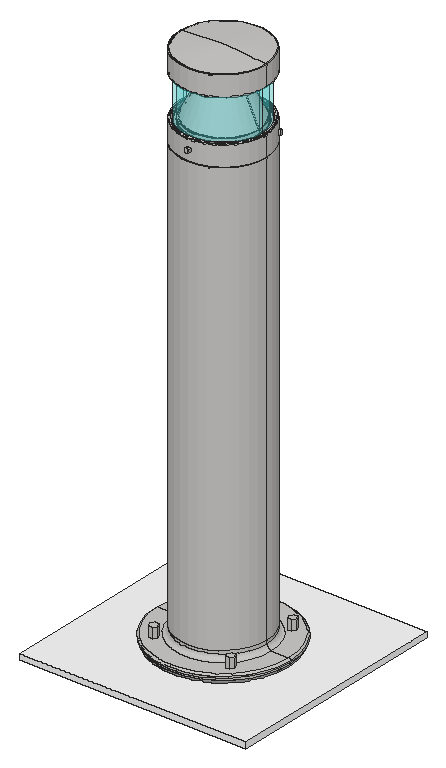
Revit family "BE_88060_de_DE", category Leuchten, Revit 2020
Family settings
  Basisbauteil = Fläche
  Bemaßung runder Anschluss = Durchmesser verwenden
  Teiletyp = Normal
  Beim Laden mit Abzugskörper schneiden = Ja
  Lichtquelle = Ja
  Gemeinsam genutzt = Nein
  Raumberechnungspunkt = Ja
Parameters (values of type "BEGA_88060_K3")
  built-in parameter 1150104 = 11.409 (stored number, unit not read)
  Windangriffsfläche = ""
  Werkzeuglos = ""
  Wattage = 11.4 W
  Default Elevation = 0 mm
  built-in parameter 1150113 = 1 (stored number, unit not read)
  built-in parameter 1114218 = 1 (stored number, unit not read)
  Umgebungstemperatur = "25 °C"
  URL = "https://www.bega.com/de/produkt/88060"
  Typenkommentare = "© 2022 BEGA. Wir behalten uns das Recht vor, technische Änderungen ohne vorherige Ankündigung vorzunehmen."  # constant formula
  Type Image = 88060.png
  built-in parameter 1150134 = (empty or 0)
  built-in parameter 1150109 = 1 (stored number, unit not read)
  Strom = ""
  built-in parameter 1150110 = 1 (stored number, unit not read)
  Spannung = 239.996 V
  Sonderanfertigung = no
  Seriennummer [instance] = "Hier können Sie die eindeutige Seriennummer für das Facility Management eintragen."
  Schutzklasse = "I"
  Schutzart = "IP 65"
  Scheinlast = 0 VA
  Produktdatenblatt = "https://cdn.bega.com/bega/products/88060K4/current/documents/data-sheets/de"
  Oberflächentemperatur = ""
  Neigungswinkel = 0.00°
  Modell = "88060K3"
  Material_17 = BEGA_Reflektor
  Material_15 = BEGA_Leuchtmedium_matt
  Material_11 = BEGA_Glas_opal
  Material_09 = BEGA_Glas_klar
  Material_06 = BEGA_Oberfläche_Edelstahl_gebürstet
  M_W = no
  M_G = no
  M_A = no
  Logo = 0
  built-in parameter 1114217 = 1 (stored number, unit not read)
  built-in parameter 1150139 = (empty or 0)
  built-in parameter 1150105 = 111.41 (stored number, unit not read)
  built-in parameter 1150114 = 1 (stored number, unit not read)
  Lumens = 1400.03 lm
  built-in parameter 1150115 = 1 (stored number, unit not read)
  Leuchtenlichtstrom = "766 lm"
  Leuchtenanzahl = ""
  Lebensdauerkriterien = "L70B50 @ 25 °C = 200000 h"
  Lastklassifizierung = Beleuchtung
  built-in parameter 1150112 = 1 (stored number, unit not read)
  Lampenlichtstrom = "1475 lm"
  Lampe = "LED 7.7 W"
  LED_Modulbezeichnung = "LED-0382/830"
  built-in parameter 1150142 = (empty or 0)
  Hersteller = "BEGA"  # constant formula
  Halbstreuwinkel = ""
  Gewicht = "12.0 kg"
  Gebrauchslageneinschränkung [instance] = ""
  Frequenz = "0/50-60 Hz"
  Farbwiedergabeindex = "CRI > 80"
  Farbtemperaturverschiebung bei Dämpfen der Lampe = <Keine Auswahl>
  Farbtemperatur = "3000 K"
  Color Filter = 16777215
  Erdstücklänge_E = ""
  Erdstück [instance] = no
  built-in parameter 1150133 = 10 (stored number, unit not read)
  Energieeffizienzklasse = "LED A++ - A"
  Einstecktiefe = ""
  built-in parameter 1150137 = (empty or 0)
  built-in parameter 1150132 = (empty or 0)
  Einbau_in_Wärmedämmung = ""
  ENEC = "ja"
  Datei für fotometrisches Netz = "BE_88060K3.IES"
  CE_Konformität = "ja"
  Bestellnummer_Erdstück [instance] = if(Erdstück, "70896", "---")  # "---"
  Bestellnummer = "88060K3"
  Beschreibung_Sonderanfertigung = "Hier können Sie Informationen zur Sonderanfertigung eintragen."
  Beschreibung = "Pollerleuchte"
  built-in parameter 1150106 = 1.1141 (stored number, unit not read)
  Belastbarkeit [instance] = ""
  Befestigungsbohrung = ""
  Befestigungsabstand = ""
  Ballwurfsicher = ""
  BEGA_Intern_aus = yes
  BEGA_Intern_an = yes
  BEGA_Intern_Konstruktion = yes
  BEGA_Intern = yes
  BEGA_IES3 = yes
  BEGA_IES2 = yes
  BEGA_IES1 = yes
  BEGA_IES = yes
  BEGA_Dummy = no
  Anschlussleitung = ""
  Anschlussleistung [instance] = "9 W"
  built-in parameter 1150107 = 3000 (stored number, unit not read)
  built-in parameter 1150102 = (empty or 0)
  built-in parameter 1150138 = (empty or 0)
  Aktualisierung = "2022-05-19T04:00:07"
  Abstand_zur_angestrahlten_Fläche [instance] = ""
  AC/DC = "AC/DC"
Types (2, lengths in mm): name | built-in parameter 1150104 | built-in parameter 1150134 | Modell | built-in parameter 1150105 | Lumens | Leuchtenlichtstrom | Lampenlichtstrom | LED_Modulbezeichnung | Farbtemperatur | Datei für fotometrisches Netz | Bestellnummer | built-in parameter 1150106 | built-in parameter 1150107
  BEGA_88060_K3 | 11.409 (stored number, unit not read) | (empty or 0) | "88060K3" | 111.41 (stored number, unit not read) | 1400.03 lm | "766 lm" | "1475 lm" | "LED-0382/830" | "3000 K" | "BE_88060K3.IES" | "88060K3" | 1.1141 (stored number, unit not read) | 3000 (stored number, unit not read)
  BEGA_88060_K4 | 12.102 (stored number, unit not read) | 12 | "88060K4" | 118.17 (stored number, unit not read) | 1484.96 lm | "776 lm" | "1495 lm" | "LED-0382/840" | "4000 K" | "BE_88060K4.IES" | "88060K4" | 1.1817 (stored number, unit not read) | 4000 (stored number, unit not read)
Reference planes
  plane 1 "Mitte (Vorne/Hinten)": y = 0
  plane 2: z = 0
  plane 3 "Mitte (Links/Rechts)": x = 0
  plane 4 "Links": x = -119.5
  plane 5 "Rechts": x = 119.5
  plane 6 "Unten": y = -119.5
  plane 7 "Oben": y = 119.5
  plane 8 "Vorne": z = 949.789
Forms (mm)
  Extrusion 1, solid, material "BEGA_Platte_Weiss"
    sketch origin (0, -1119.2, 0) x (1, 0, 0) y (0, 1, 0)
      loop
        line (-200, 1319.2) -> (-200, 919.2) -> (200, 919.2) -> (200, 1319.2) -> (-200, 1319.2)
    from 0 to -10
  Extrusion 2, solid, material "BEGA_Dummy_matt", visible <- "BEGA_Dummy"
    sketch origin (77.149, -76.023, 0) x (1, 0, 0) y (0, 1, 0)
      loop
        circle (-77.149, 76.023) r 119.5
    from 0 to 949.789
Dimensions and locks
  plane 1 "Mitte (Vorne/Hinten)" to Extrusion 1 = 200 mm
  aligned and locked: plane 2 to Extrusion 1
  aligned and locked: level to Extrusion 1
Nested families
  nested 1: "BE_88060" at (0, 0, 0), type "BE_88060"
Connectors
  electrical at (0, 0, 0), driven by "Lastklassifizierung", driven by "Spannung", driven by "Scheinlast"
    settings: index 1, voltage 239.996 V, apparent load 0 VA, apparent load phase1 0 VA, apparent load phase2 0 VA, apparent load phase3 0 VA, power factor 1, load classification "Beleuchtung", number of poles 1, system type 31, power factor state 1, is connector primary yes, connector utility no, sub classification motor no, connector description ""
Definition of nested family "BE_88060"
  Parameters (values of type "BE_88060")
    Default Elevation = 1 mm
    URL = "http://www.bega.de/de/produkt"
    Type Comments = "© 2015 BEGA. Wir behalten uns das Recht vor, technische Änderungen ohne vorherige Ankündigung vorzunehmen. "  # constant formula
    Type Image = (empty or 0)
    Material_17 = none
    Material_15 = none
    Material_11 = none
    Material_09 = none
    Material_06 = none
    Material_03 = none
    Material_02 = none
    Material_01 = none
    M_W = yes
    M_G = yes
    M_A = yes
    Länge_Platte = 200 mm  # constant formula
    Höhe_Platte = -10 mm  # constant formula
    Manufacturer = "BEGA"  # constant formula
    Breite_Platte = 200 mm  # constant formula
  Reference planes
    plane 1 "Mitte (Oben/Unten)": y = 0
    plane 2: z = 0
    plane 3 "Mitte (Links/Rechts)": x = 0
    plane 4 "Hinten": z = 949.789
    plane 5 "Links": x = -119.5
    plane 6: x = 119.5
    plane 7: y = 119.5
    plane 8: y = -119.5
  Forms (mm)
    Extrusion 1, solid, detail levels medium
      sketch origin (0, 0, 0) x (1, 0, 0) y (0, 1, 0)
        loop
          line (-100, 100) -> (-100, -100) -> (100, -100) -> (100, 100) -> (-100, 100)
      from 0 to -10 <- "Höhe_Platte"
    Revolve 2, solid, material <- "Material_06", detail levels medium+fine
      sketch origin (0, 0, 0) x (1, 0, 0) y (0, 0, 1)
        loop
          line (-117, 10.5) -> (-117, 5.498)
          arc (-117, 5.498) -> (-115.445, 1.666) -> (-111.661, 0) r 5.5
          line (-111.661, 0) -> (-37.36, 0)
          arc (-37.36, 0) -> (-35.637, 0.343) -> (-34.178, 1.318) r 4.5
          line (-34.178, 1.318) -> (-31.095, 4.405)
          arc (-31.095, 4.405) -> (-30.445, 4.844) -> (-29.676, 5) r 2
          line (-29.676, 5) -> (-20, 5) -> (-20, 7.5) -> (-29.681, 7.5)
          arc (-29.681, 7.5) -> (-31.387, 7.16) -> (-32.837, 6.198) r 4.5
          line (-32.837, 6.198) -> (-35.95, 3.086)
          arc (-35.95, 3.086) -> (-36.597, 2.653) -> (-37.36, 2.5) r 2
          line (-37.36, 2.5) -> (-111.385, 2.5)
          arc (-111.385, 2.5) -> (-113.58, 3.338) -> (-114.5, 5.5) r 3
          line (-114.5, 5.5) -> (-114.5, 10.5) -> (-117, 10.5)
        axis (0, 10.5) -> (0, 0)
      angle from 0 to 360
    Revolve 3, solid, material <- "Material_06", detail levels medium+fine
      sketch origin (0, 0, 0) x (1, 0, 0) y (0, 0, 1)
        loop
          line (-119.5, 10.5) -> (-84.995, 10.5)
          arc (-84.995, 10.5) -> (-75.223, 14.475) -> (-71, 24.142) r 14
          line (-71, 24.142) -> (-71, 60.5) -> (-74, 60.5) -> (-74, 30.5) -> (-76.504, 30.5) -> (-76.504, 24.5)
          arc (-76.504, 24.5) -> (-78.993, 18.49) -> (-85.004, 16) r 8.5
          line (-85.004, 16) -> (-116.5, 16) -> (-119.5, 13) -> (-119.5, 10.5)
        axis (0, 60.5) -> (0, 10.5)
      angle from 0 to 360
    Revolve 4, solid, material <- "Material_06", detail levels medium+fine
      sketch origin (0, 0, 0) x (1, 0, 0) y (0, 0, 1)
        loop
          line (-77, 795.5) -> (-77, 30.5) -> (-75, 30.5) -> (-75, 795.5) -> (-77, 795.5)
        axis (0, 30.5) -> (0, 795.5)
      angle from 0 to 360
    Revolve 5, solid, material <- "Material_06", detail levels medium+fine
      sketch origin (0, 0, 0) x (1, 0, 0) y (0, 0, 1)
        loop
          line (-75.75, 795.5) -> (-74.8, 795.5) -> (-74.8, 792.057) -> (-73.5, 792.057) -> (-73.5, 807.5) -> (-74.8, 807.5) -> (-74.8, 797.5) -> (-75.75, 797.5) -> (-75.75, 795.5)
        axis (0, 792.057) -> (0, 807.5)
      angle from 0 to 360
    Revolve 6, solid, material <- "Material_06", detail levels medium+fine
      sketch origin (0, 0, 0) x (1, 0, 0) y (0, 0, 1)
        loop
          line (-77, 832.246) -> (-77, 797.5) -> (-75, 797.5) -> (-75, 832.25)
          arc (-75, 832.25) -> (-74.78, 832.78) -> (-74.25, 833) r 0.75
          arc (-74.25, 833) -> (-73.72, 832.78) -> (-73.5, 832.25) r 0.75
          line (-73.5, 832.25) -> (-73.5, 830)
          arc (-73.5, 830) -> (-72.621, 827.879) -> (-70.5, 827) r 3
          line (-70.5, 827) -> (-65.5, 827)
          arc (-65.5, 827) -> (-63.379, 827.879) -> (-62.5, 830) r 3
          line (-62.5, 830) -> (-62.5, 835.5) -> (-64.5, 835.5) -> (-64.5, 830)
          arc (-64.5, 830) -> (-64.793, 829.293) -> (-65.5, 829) r 1
          line (-65.5, 829) -> (-70.5, 829)
          arc (-70.5, 829) -> (-71.207, 829.293) -> (-71.5, 830) r 1
          line (-71.5, 830) -> (-71.5, 832.259)
          arc (-71.5, 832.259) -> (-71.663, 833.184) -> (-72.129, 834) r 2.75
          line (-72.129, 834) -> (-76.84, 833.169)
          arc (-76.84, 833.169) -> (-76.96, 832.715) -> (-77, 832.246) r 2.75
        axis (0, 797.5) -> (0, 835.5)
      angle from 0 to 360
    Revolve 7, solid, material <- "Material_06", detail levels medium+fine
      sketch origin (0, 0, 0) x (1, 0, 0) y (0, 0, 1)
        loop
          line (-62.5, 905.5) -> (-62.5, 911)
          arc (-62.5, 911) -> (-63.379, 913.121) -> (-65.5, 914) r 3
          line (-65.5, 914) -> (-70.5, 914)
          arc (-70.5, 914) -> (-72.621, 913.121) -> (-73.5, 911) r 3
          line (-73.5, 911) -> (-73.5, 908.75)
          arc (-73.5, 908.75) -> (-74.302, 907.948) -> (-75.104, 908.75) r 0.802
          line (-75.104, 908.75) -> (-74.704, 941.5) -> (-75.5, 941.5) -> (-75.5, 943.5) -> (-77, 943.5) -> (-77, 908.742)
          arc (-77, 908.742) -> (-76.96, 908.28) -> (-76.842, 907.831) r 2.75
          line (-76.842, 907.831) -> (-72.126, 907)
          arc (-72.126, 907) -> (-71.661, 907.818) -> (-71.5, 908.746) r 2.75
          line (-71.5, 908.746) -> (-71.5, 911)
          arc (-71.5, 911) -> (-71.207, 911.707) -> (-70.5, 912) r 1
          line (-70.5, 912) -> (-65.5, 912)
          arc (-65.5, 912) -> (-64.793, 911.707) -> (-64.5, 911) r 1
          line (-64.5, 911) -> (-64.5, 905.5) -> (-62.5, 905.5)
        axis (0, 905.5) -> (0, 943.5)
      angle from 0 to 360
    Revolve 8, solid, material <- "Material_06", detail levels medium+fine
      sketch origin (0, 0, 0) x (1, 0, 0) y (0, 0, 1)
        loop
          line (-75.5, 941.5) -> (0, 946.779) -> (0, 949.787) -> (-75.5, 944.507) -> (-75.5, 941.5)
        axis (0, 949.787) -> (0, 941.5)
      angle from 0 to 360
    Revolve 9, solid, material <- "Material_17", detail levels medium+fine
      sketch origin (0, 0, 0) x (1, 0, 0) y (0, 0, 1)
        loop
          line (-63, 827) -> (-74.5, 827) -> (-74.5, 825) -> (-63, 825)
          arc (-63, 825) -> (-60.879, 825.879) -> (-60, 828) r 3
          line (-60, 828) -> (-60, 835.2) -> (-25.25, 907.567) -> (-26.749, 909.066) -> (-62, 835.655) -> (-62, 828)
          arc (-62, 828) -> (-62.293, 827.293) -> (-63, 827) r 1
        axis (0, 825) -> (0, 909.066)
      angle from 0 to 360
    Revolve 10, solid, material <- "Material_17", detail levels medium+fine
      sketch origin (0, 0, 0) x (1, 0, 0) y (0, 0, 1)
        loop
          line (-26.5, 909) -> (-25.397, 909) -> (-25.397, 904) -> (-24.5, 904) -> (-24.5, 907.972)
          arc (-24.5, 907.972) -> (-15.555, 917.134) -> (-10.01, 928.675) r 39.5
          line (-10.01, 928.675) -> (-9.722, 936.93) -> (-11.721, 937) -> (-12, 929)
          arc (-12, 929) -> (-17.556, 917.772) -> (-26.5, 909) r 37.5
        axis (0, 904) -> (0, 937)
      angle from 0 to 360
    Revolve 11, solid, material <- "Material_17", detail levels medium+fine
      sketch origin (0, 0, 0) x (1, 0, 0) y (0, 0, 1)
        loop
          line (-61.569, 910.191) -> (-61.733, 905.5) -> (-64.25, 905.5) -> (-64.25, 904.699) -> (-62.5, 904.699)
          arc (-62.5, 904.699) -> (-61.608, 905.059) -> (-61.216, 905.936) r 1.285
          line (-61.216, 905.936) -> (-61.075, 910)
          arc (-61.075, 910) -> (-47.02, 923.598) -> (-30.588, 934.2) r 100
          line (-30.588, 934.2) -> (-23, 934.2) -> (-23, 935) -> (-30.119, 935)
          arc (-30.119, 935) -> (-47.093, 924.178) -> (-61.569, 910.191) r 100.5
        axis (0, 904.699) -> (0, 935)
      angle from 0 to 360
    Revolve 12, solid, material <- "Material_09", detail levels medium+fine
      sketch origin (0, 0, 0) x (1, 0, 0) y (0, 0, 1)
        loop
          line (-65, 829) -> (-65, 912) -> (-70, 912) -> (-70, 829) -> (-65, 829)
        axis (0, 829) -> (0, 912)
      angle from 0 to 360
    Revolve 13, solid, material <- "Material_15", detail levels medium+fine
      sketch origin (0, 0, 0) x (1, 0, 0) y (0, 0, 1)
        loop
          line (-19.409, 936.214) -> (-19.409, 935.39) -> (-11.978, 935.39) -> (-11.978, 936.214) -> (-19.409, 936.214)
        axis (0, 936.214) -> (0, 935.214)
      angle from 0 to 360
    Revolve 14, solid, material <- "Material_06", detail levels fine
      sketch origin (0, 0, 0) x (0, 1, 0) y (0, 0, 1)
        loop
          line (-81.157, 820) -> (-81.157, 816) -> (-76.437, 816) -> (-76.437, 820) -> (-81.157, 820)
        axis (-76.437, 816) -> (-81.157, 816)
      angle from 0 to 360
    Revolve 15, solid, material <- "Material_06", detail levels fine
      sketch origin (0, 0, 0) x (-0.866025, -0.5, 0) y (0, 0, 1)
        loop
          line (-81.157, 820) -> (-81.157, 816) -> (-76.437, 816) -> (-76.437, 820) -> (-81.157, 820)
        axis (-76.437, 816) -> (-81.157, 816)
      angle from 0 to 360
    Revolve 16, solid, material <- "Material_06", detail levels fine
      sketch origin (0, 0, 0) x (0.866025, -0.5, 0) y (0, 0, 1)
        loop
          line (-81.157, 820) -> (-81.157, 816) -> (-76.437, 816) -> (-76.437, 820) -> (-81.157, 820)
        axis (-76.437, 816) -> (-81.157, 816)
      angle from 0 to 360
    Extrusion 17, solid, material <- "Material_06", detail levels fine
      sketch origin (0, 0, 0) x (1, 0, 0) y (0, 1, 0)
        loop
          line (-72.342, -62.089) -> (-76.095, -68.589) -> (-72.342, -75.089) -> (-64.837, -75.089) -> (-61.084, -68.589) -> (-64.837, -62.089) -> (-72.342, -62.089)
        loop
          line (64.837, -62.089) -> (61.084, -68.589) -> (64.837, -75.089) -> (72.342, -75.089) -> (76.095, -68.589) -> (72.342, -62.089) -> (64.837, -62.089)
        loop
          line (-72.342, 62.089) -> (-64.837, 62.089) -> (-61.084, 68.589) -> (-64.837, 75.089) -> (-72.342, 75.089) -> (-76.095, 68.589) -> (-72.342, 62.089)
        loop
          line (64.837, 62.089) -> (72.342, 62.089) -> (76.095, 68.589) -> (72.342, 75.089) -> (64.837, 75.089) -> (61.084, 68.589) -> (64.837, 62.089)
      from 16 to 34
    Extrusion 18, void
      sketch origin (0, 0, 0) x (1, 0, 0) y (0, 1, 0)
        loop
          circle (-100, 0) r 5.5
        loop
          circle (0, 100) r 5.5
        loop
          circle (100, 0) r 5.5
        loop
          circle (0, -100) r 5.5
        loop
          circle (-57.158, -33) r 4.5
        loop
          circle (57.158, -33) r 4.5
        loop
          circle (0, 66) r 4.5
      from 0 to 5.5
  Cuts and joins
    Extrusion 18 cuts Revolve 2
    Extrusion 18 cuts Revolve 3
  Dimensions and locks
    equal spacing: Extrusion 1 sketch curve, plane 3 "Mitte (Links/Rechts)", Extrusion 1 sketch curve
    equal spacing: Extrusion 1 sketch curve, plane 1 "Mitte (Oben/Unten)", Extrusion 1 sketch curve
    "Länge_Platte": Extrusion 1 sketch curve to Extrusion 1 sketch curve
    "Breite_Platte": Extrusion 1 sketch curve to Extrusion 1 sketch curve
    aligned and locked: plane 2 to Extrusion 1
    aligned and locked: level to Extrusion 1
  Automatic sketch dimensions
    Revolve 2 sketch curve to Revolve 2 sketch curve = 0 mm  (x10)
    Revolve 2 sketch curve to plane 3 "Mitte (Links/Rechts)" = 0 mm
    Revolve 2 sketch curve to plane 3 "Mitte (Links/Rechts)" = 20 mm
    Revolve 2 sketch curve to Revolve 2 sketch curve = 0.004 mm  (x2)
    Revolve 2 sketch curve to Revolve 2 sketch curve = 0.005 mm  (x2)
    level to Revolve 2 sketch curve = 4.405 mm
    Revolve 2 sketch curve to Revolve 2 sketch curve = 1.42 mm
    Revolve 2 sketch curve to Revolve 2 sketch curve = 1.742 mm
    Revolve 2 sketch curve to level = 0 mm
    Revolve 2 sketch curve to Revolve 2 sketch curve = 6.264 mm
    level to Revolve 2 sketch curve = 5.498 mm
    Revolve 2 sketch curve to Revolve 2 sketch curve = 74.136 mm
    Revolve 2 sketch curve to Revolve 2 sketch curve = 0.161 mm
    Revolve 2 sketch curve to Revolve 2 sketch curve = 2.5 mm
    level to Revolve 2 sketch curve = 2.5 mm
    Revolve 2 sketch curve to Revolve 2 sketch curve = 2 mm
    Revolve 2 sketch curve to Revolve 2 sketch curve = 0.002 mm  (x2)
    Revolve 2 sketch curve to Revolve 2 sketch curve = 5.002 mm
    level to Revolve 2 sketch curve = 1.318 mm  (x2)
    level to Revolve 2 sketch curve = 3.086 mm
    Revolve 2 sketch curve to Revolve 2 sketch curve = 1.41 mm
    Revolve 2 sketch curve to Revolve 2 sketch curve = 0.276 mm
    Revolve 2 sketch curve to level = 7.5 mm
    Revolve 2 sketch curve to Revolve 2 sketch curve = 25 mm
    Revolve 2 sketch curve to Revolve 2 sketch curve = 1.405 mm
    Revolve 2 sketch curve to Revolve 2 sketch curve = 1.793 mm
    Revolve 2 sketch curve to Revolve 2 sketch curve = 9.672 mm
    Revolve 3 sketch curve to plane 3 "Mitte (Links/Rechts)" = 0 mm
    Revolve 3 sketch curve to plane 3 "Mitte (Links/Rechts)" = 71 mm
    Revolve 3 sketch curve to Revolve 3 sketch curve = 3 mm  (x3)
    Revolve 3 sketch curve to Revolve 3 sketch curve = 2.504 mm
    Revolve 3 sketch curve to Revolve 3 sketch curve = 8.492 mm
    Revolve 3 sketch curve to Revolve 3 sketch curve = 0.008 mm
    level to Revolve 3 sketch curve = 16 mm
    Revolve 3 sketch curve to Revolve 3 sketch curve = 31.496 mm
    Revolve 3 sketch curve to Revolve 3 sketch curve = 2.5 mm
    Revolve 3 sketch curve to Revolve 3 sketch curve = 0.358 mm
    Revolve 3 sketch curve to Revolve 3 sketch curve = 6 mm
    Revolve 3 sketch curve to Revolve 3 sketch curve = 30 mm
    level to Revolve 3 sketch curve = 37.562 mm
    Revolve 3 sketch curve to Revolve 3 sketch curve = 15 mm
    Revolve 4 sketch curve to plane 3 "Mitte (Links/Rechts)" = 0 mm
    level to Revolve 4 sketch curve = 30.5 mm
    Revolve 4 sketch curve to plane 3 "Mitte (Links/Rechts)" = 75 mm
    Revolve 4 sketch curve to Revolve 4 sketch curve = 2 mm
    Revolve 4 sketch curve to level = 49.5 mm
    Revolve 5 sketch curve to plane 3 "Mitte (Links/Rechts)" = 0 mm
    Revolve 5 sketch curve to plane 3 "Mitte (Links/Rechts)" = 73.5 mm
    Revolve 5 sketch curve to Revolve 5 sketch curve = 1.3 mm
    Revolve 5 sketch curve to Revolve 5 sketch curve = 0 mm
    Revolve 5 sketch curve to Revolve 5 sketch curve = 0.95 mm
    Revolve 5 sketch curve to Revolve 5 sketch curve = 3.443 mm
    Revolve 5 sketch curve to Revolve 5 sketch curve = 2 mm
    Revolve 5 sketch curve to Revolve 5 sketch curve = 10 mm
    Revolve 5 sketch curve to Revolve 5 sketch curve = 10.871 mm
    Revolve 5 sketch curve to Revolve 5 sketch curve = 35 mm
    Revolve 6 sketch curve to Revolve 6 sketch curve = 0 mm  (x31)
    Revolve 6 sketch curve to plane 3 "Mitte (Links/Rechts)" = 0 mm
    Revolve 6 sketch curve to plane 3 "Mitte (Links/Rechts)" = 62.5 mm
    Revolve 6 sketch curve to Revolve 6 sketch curve = 2 mm  (x2)
    Revolve 6 sketch curve to Revolve 6 sketch curve = 1 mm  (x2)
    Revolve 6 sketch curve to Revolve 6 sketch curve = 5 mm
    Revolve 6 sketch curve to Revolve 6 sketch curve = 0.629 mm
    Revolve 6 sketch curve to Revolve 6 sketch curve = 2.75 mm
    Revolve 6 sketch curve to Revolve 6 sketch curve = 4.5 mm
    Revolve 6 sketch curve to Revolve 6 sketch curve = 1.84 mm
    Revolve 6 sketch curve to Revolve 6 sketch curve = 0.16 mm
    Revolve 6 sketch curve to Revolve 6 sketch curve = 31.5 mm
    Revolve 6 sketch curve to Revolve 6 sketch curve = 2.246 mm
    Revolve 6 sketch curve to Revolve 6 sketch curve = 0.004 mm
    Revolve 6 sketch curve to Revolve 6 sketch curve = 2.258 mm
    Revolve 6 sketch curve to Revolve 6 sketch curve = 5.5 mm
    Revolve 6 sketch curve to Revolve 6 sketch curve = 25 mm
    Revolve 6 sketch curve to Revolve 6 sketch curve = 60 mm
    Revolve 7 sketch curve to plane 3 "Mitte (Links/Rechts)" = 0 mm
    Revolve 7 sketch curve to plane 3 "Mitte (Links/Rechts)" = 62.5 mm
    Revolve 7 sketch curve to Revolve 7 sketch curve = 2 mm  (x3)
    Revolve 7 sketch curve to Revolve 7 sketch curve = 1 mm  (x2)
    Revolve 7 sketch curve to Revolve 7 sketch curve = 0 mm  (x17)
    Revolve 7 sketch curve to Revolve 7 sketch curve = 5 mm  (x2)
    Revolve 7 sketch curve to Revolve 7 sketch curve = 0.626 mm
    Revolve 7 sketch curve to Revolve 7 sketch curve = 0.75 mm
    Revolve 7 sketch curve to Revolve 7 sketch curve = 0.052 mm
    Revolve 7 sketch curve to Revolve 7 sketch curve = 4.204 mm
    Revolve 7 sketch curve to Revolve 7 sketch curve = 0.796 mm
    Revolve 7 sketch curve to Revolve 7 sketch curve = 1.738 mm
    Revolve 7 sketch curve to Revolve 7 sketch curve = 1.5 mm
    Revolve 7 sketch curve to Revolve 7 sketch curve = 1.499 mm
    Revolve 7 sketch curve to Revolve 7 sketch curve = 0.915 mm
    Revolve 7 sketch curve to Revolve 7 sketch curve = 0.911 mm
    Revolve 7 sketch curve to Revolve 7 sketch curve = 5.5 mm
    Revolve 7 sketch curve to Revolve 7 sketch curve = 29.5 mm
    Revolve 7 sketch curve to Revolve 7 sketch curve = 45 mm
    Revolve 8 sketch curve to plane 3 "Mitte (Links/Rechts)" = 0 mm  (x2)
    Revolve 8 sketch curve to plane 3 "Mitte (Links/Rechts)" = 75.5 mm
    Revolve 8 sketch curve to Revolve 8 sketch curve = 3.007 mm  (x2)
    Revolve 8 sketch curve to Revolve 8 sketch curve = 2.272 mm
    Revolve 8 sketch curve to Revolve 8 sketch curve = 14.059 mm
    Revolve 8 sketch curve to Revolve 8 sketch curve = 17.125 mm
    Revolve 9 sketch curve to Revolve 9 sketch curve = 0 mm  (x8)
    Revolve 9 sketch curve to plane 3 "Mitte (Links/Rechts)" = 0 mm
    Revolve 9 sketch curve to plane 3 "Mitte (Links/Rechts)" = 25.25 mm
    Revolve 9 sketch curve to Revolve 9 sketch curve = 1.499 mm  (x2)
    Revolve 9 sketch curve to plane 3 "Mitte (Links/Rechts)" = 60 mm
    Revolve 9 sketch curve to Revolve 9 sketch curve = 2 mm  (x2)
    Revolve 9 sketch curve to Revolve 9 sketch curve = 1 mm
    Revolve 9 sketch curve to Revolve 9 sketch curve = 11.5 mm
    Revolve 9 sketch curve to Revolve 9 sketch curve = 7.2 mm
    Revolve 9 sketch curve to Revolve 9 sketch curve = 0.455 mm
    Revolve 9 sketch curve to Revolve 9 sketch curve = 72.367 mm
    Revolve 9 sketch curve to Revolve 9 sketch curve = 3.201 mm
    Revolve 9 sketch curve to Revolve 9 sketch curve = 14.242 mm
    Revolve 10 sketch curve to Revolve 10 sketch curve = 0 mm  (x3)
    Revolve 10 sketch curve to plane 3 "Mitte (Links/Rechts)" = 0 mm
    Revolve 10 sketch curve to plane 3 "Mitte (Links/Rechts)" = 9.722 mm
    Revolve 10 sketch curve to Revolve 10 sketch curve = 1.999 mm
    Revolve 10 sketch curve to Revolve 10 sketch curve = 0.279 mm
    Revolve 10 sketch curve to plane 3 "Mitte (Links/Rechts)" = 24.5 mm
    Revolve 10 sketch curve to Revolve 10 sketch curve = 0.897 mm
    Revolve 10 sketch curve to Revolve 10 sketch curve = 1.103 mm
    Revolve 10 sketch curve to Revolve 10 sketch curve = 36.196 mm
    Revolve 10 sketch curve to Revolve 10 sketch curve = 3.972 mm
    Revolve 10 sketch curve to Revolve 10 sketch curve = 1.028 mm
    Revolve 10 sketch curve to Revolve 10 sketch curve = 20 mm
    Revolve 10 sketch curve to Revolve 10 sketch curve = 7.93 mm
    Revolve 10 sketch curve to Revolve 10 sketch curve = 0.07 mm
    Revolve 10 sketch curve to Revolve 10 sketch curve = 1.99 mm
    Revolve 10 sketch curve to Revolve 10 sketch curve = 11.403 mm
    Revolve 10 sketch curve to Revolve 10 sketch curve = 1.391 mm
    Revolve 11 sketch curve to Revolve 11 sketch curve = 0 mm  (x3)
    Revolve 11 sketch curve to plane 3 "Mitte (Links/Rechts)" = 0 mm
    Revolve 11 sketch curve to plane 3 "Mitte (Links/Rechts)" = 23 mm
    Revolve 11 sketch curve to Revolve 11 sketch curve = 7.119 mm
    Revolve 11 sketch curve to Revolve 11 sketch curve = 0.469 mm
    Revolve 11 sketch curve to Revolve 11 sketch curve = 30.488 mm
    Revolve 11 sketch curve to Revolve 11 sketch curve = 0.141 mm
    Revolve 11 sketch curve to Revolve 11 sketch curve = 0.494 mm
    Revolve 11 sketch curve to Revolve 11 sketch curve = 0.517 mm
    Revolve 11 sketch curve to Revolve 11 sketch curve = 0.767 mm
    Revolve 11 sketch curve to Revolve 11 sketch curve = 1.75 mm
    plane 3 "Mitte (Links/Rechts)" to Revolve 11 sketch curve = 15.151 mm
    Revolve 11 sketch curve to Revolve 11 sketch curve = 59.426 mm
    Revolve 11 sketch curve to Revolve 11 sketch curve = 0.801 mm
    Revolve 11 sketch curve to Revolve 11 sketch curve = 0.436 mm
    Revolve 11 sketch curve to Revolve 11 sketch curve = 4.064 mm
    Revolve 11 sketch curve to Revolve 11 sketch curve = 0.191 mm
    Revolve 11 sketch curve to Revolve 11 sketch curve = 17.886 mm
    Revolve 11 sketch curve to Revolve 11 sketch curve = 16.314 mm
    Revolve 12 sketch curve to plane 3 "Mitte (Links/Rechts)" = 0 mm
    Revolve 12 sketch curve to plane 3 "Mitte (Links/Rechts)" = 65 mm
    Revolve 12 sketch curve to Revolve 12 sketch curve = 31.316 mm
    Revolve 12 sketch curve to Revolve 12 sketch curve = 17.106 mm
    Revolve 12 sketch curve to Revolve 12 sketch curve = 5 mm
    Revolve 12 sketch curve to Revolve 12 sketch curve = 34.578 mm
    Revolve 13 sketch curve to plane 3 "Mitte (Links/Rechts)" = 0 mm
    Revolve 13 sketch curve to plane 3 "Mitte (Links/Rechts)" = 11.978 mm
    Revolve 13 sketch curve to Revolve 13 sketch curve = 7.431 mm
    Revolve 13 sketch curve to Revolve 13 sketch curve = 0.824 mm
    Revolve 13 sketch curve to Revolve 13 sketch curve = 2.006 mm
    Revolve 13 sketch curve to Revolve 13 sketch curve = 9.765 mm
    Revolve 14 sketch curve to Revolve 14 sketch curve = 4.72 mm
    Revolve 14 sketch curve to Revolve 14 sketch curve = 4 mm
    Revolve 14 sketch curve to Revolve 14 sketch curve = 1.309 mm
    Revolve 14 sketch curve to Revolve 14 sketch curve = 2.447 mm
    Revolve 14 sketch curve to Revolve 14 sketch curve = 0 mm
    Revolve 15 sketch curve to Revolve 15 sketch curve = 4.72 mm
    Revolve 15 sketch curve to Revolve 15 sketch curve = 4 mm
    Revolve 15 sketch curve to Revolve 15 sketch curve = 1.309 mm
    Revolve 15 sketch curve to Revolve 15 sketch curve = 2.447 mm
    Revolve 15 sketch curve to Revolve 15 sketch curve = 0 mm
    Revolve 16 sketch curve to Revolve 16 sketch curve = 4.72 mm
    Revolve 16 sketch curve to Revolve 16 sketch curve = 4 mm
    Revolve 16 sketch curve to Revolve 16 sketch curve = 1.309 mm
    Revolve 16 sketch curve to Revolve 16 sketch curve = 2.447 mm
    Revolve 16 sketch curve to Revolve 16 sketch curve = 0 mm
    Extrusion 17 sketch curve to plane 3 "Mitte (Links/Rechts)" = 76.095 mm  (x2)
    Extrusion 17 sketch curve to Extrusion 17 sketch curve = 3.753 mm  (x12)
    Extrusion 17 sketch curve to Extrusion 17 sketch curve = 7.506 mm  (x8)
    plane 3 "Mitte (Links/Rechts)" to Extrusion 17 sketch curve = 61.084 mm  (x2)
    plane 1 "Mitte (Oben/Unten)" to Extrusion 17 sketch curve = 75.089 mm  (x2)
    Extrusion 17 sketch curve to Extrusion 17 sketch curve = 6.5 mm  (x12)
    Extrusion 17 sketch curve to plane 1 "Mitte (Oben/Unten)" = 62.089 mm  (x2)
    Extrusion 18 sketch curve to plane 3 "Mitte (Links/Rechts)" = 0 mm  (x3)
    Extrusion 18 sketch curve to plane 3 "Mitte (Links/Rechts)" = 57.158 mm
    Extrusion 18 sketch curve to Extrusion 18 sketch curve = 42.842 mm  (x2)
    plane 3 "Mitte (Links/Rechts)" to Extrusion 18 sketch curve = 57.158 mm
    Extrusion 18 sketch curve to Extrusion 18 sketch curve = 33 mm  (x2)
    Extrusion 18 sketch curve to Extrusion 18 sketch curve = 99 mm
    Extrusion 18 sketch curve to Extrusion 18 sketch curve = 34 mm
    Extrusion 18 sketch curve to Extrusion 18 sketch curve = 67 mm  (x2)
    Revolve 4 sketch curve to Revolve 4 sketch curve = 765 mm
    Revolve 4 sketch curve to Revolve 4 sketch curve = 340 mm
    level to Revolve 5 sketch curve = 792.057 mm
    level to Revolve 6 sketch curve = 797.5 mm
    level to Revolve 7 sketch curve = 905.5 mm
    level to Revolve 8 sketch curve = 941.5 mm
    level to Revolve 9 sketch curve = 825 mm
    level to Revolve 10 sketch curve = 904 mm
    level to Revolve 11 sketch curve = 845.273 mm
    level to Revolve 12 sketch curve = 829 mm
    level to Revolve 13 sketch curve = 935.39 mm
    plane 1 "Mitte (Oben/Unten)" to Extrusion 18 sketch curve = 0 mm
    radius of Extrusion 18 sketch curve = 5.5 mm  (x4)
    radius of Extrusion 18 sketch curve = 4.5 mm  (x3)
